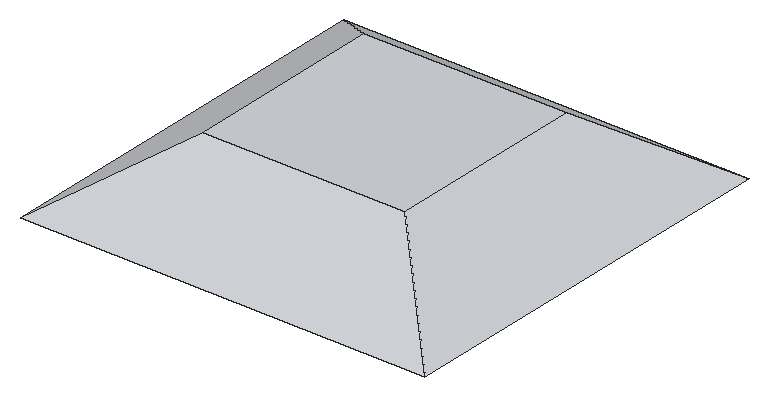
Revit family "fb2c3b50be7e499f8fce67f2b9317fd4", category Air Terminals, Revit 2021
Family settings
  Round Connector Dimension = Use Diameter
  Part Type = Normal
  OmniClass Number = 23.75.70.21.27.11
  OmniClass Title = Diffusers, Registers, and Grilles
  Seek Item ID = Exhaust Grill-0000-USA-ENU
  Work Plane-Based = No
  Always vertical = Yes
  Cut with Voids When Loaded = No
  Shared = No
  Room Calculation Point = No
Parameters (values of type "24 x 24 Face 12 x 12 Connection")
  Width 1 = Diffuser Width * 0.65  # 1' - 3.6"
  Duct Width = 12"
  Duct Height = Duct Width  # 12"
  Diffuser Width = 2' - 0"
  UpArrow [instance] = yes
  Pressure Drop [instance] = 0.0563 in-wg
  RightArrow [instance] = yes
  LeftArrow [instance] = yes
  Flow [instance] = 500 CFM
  DownArrow [instance] = yes
  Diffuser Height = Diffuser Width  # 2' - 0"
  Default Elevation = 0' - 0"
  Assembly Code = ""
Reference planes (in)
  plane 1 "Center (Front/Back)": y = 0
  plane 2: z = 0
  plane 3 "Center (Left/Right)": x = 0
Forms (in)
  Blend 1, solid
    base sketch origin (0, 0, 0) x (1, 0, 0) y (0, 1, 0)
      loop
        line (-12, 12) -> (-12, -12) -> (12, -12) -> (12, 12) -> (-12, 12)
    top sketch origin (0, 0, 0) x (1, 0, 0) y (0, 1, 0)
      loop
        line (-6, 6) -> (-6, -6) -> (6, -6) -> (6, 6) -> (-6, 6)
    from 0 to 4
Lines and regions (in)
  symbolic lines, style "DuctTerminal"
    curve 1: line (-12, -12, 0) -> (0, 0, 0)
    curve 2: line (12, -12, 0) -> (-12, 12, 0)
    curve 3: line (-12, 12, 0) -> (12, 12, 0)
    curve 4: line (12, 12, 0) -> (12, -12, 0)
    curve 5: line (12, -12, 0) -> (-12, -12, 0)
    curve 6: line (-12, 12, 0) -> (-12, -12, 0)
Dimensions and locks (in)
  equal spacing: Blend 1 sketch curve, plane 3 "Center (Left/Right)", Blend 1 sketch curve  (x2)
  "Diffuser Width": Blend 1 sketch curve to Blend 1 sketch curve
  equal spacing: Blend 1 sketch curve, plane 1 "Center (Front/Back)", Blend 1 sketch curve  (x2)
  "Diffuser Height": Blend 1 sketch curve to Blend 1 sketch curve
  "Duct Width": Blend 1 sketch curve to Blend 1 sketch curve
  "Duct Height": Blend 1 sketch curve to Blend 1 sketch curve
  "Width 1": plane 1 "Center (Front/Back)" to nested 2
  "Width 1": plane 3 "Center (Left/Right)" to nested 3
  "Width 1": plane 1 "Center (Front/Back)" to nested 4
  "Width 1": nested 1 to plane 3 "Center (Left/Right)"
  aligned and locked: Blend 1 to curve 1
  aligned and locked: curve 1 to Blend 1
  aligned and locked: curve 2 to Blend 1
  aligned and locked: curve 6 to Blend 1
  aligned and locked: plane 1 "Center (Front/Back)" to curve 1
  aligned and locked: plane 3 "Center (Left/Right)" to curve 1
  aligned and locked: plane 1 "Center (Front/Back)" to nested 1
  aligned and locked: nested 2 to plane 3 "Center (Left/Right)"
  aligned and locked: nested 3 to plane 1 "Center (Front/Back)"
  aligned and locked: plane 3 "Center (Left/Right)" to nested 4
Nested families (in)
  nested 1: "Duct Terminal Arrow" at (-15.6, 0, 0), visible <- "LeftArrow", type "Duct Terminal Arrow"
  nested 2: "Duct Terminal Arrow" at (0, 15.6, 0) x (0, -1, 0) z (0, 0, 1), visible <- "UpArrow", type "Duct Terminal Arrow"
  nested 3: "Duct Terminal Arrow" at (15.6, 0, 0) x (-1, 0, 0) z (0, 0, 1), visible <- "RightArrow", type "Duct Terminal Arrow"
  nested 4: "Duct Terminal Arrow" at (0, -15.6, 0) x (0, 1, 0) z (0, 0, 1), visible <- "DownArrow", type "Duct Terminal Arrow"
Connectors (in)
  hvac at (0, 0, 4), driven by "Duct Width", driven by "Duct Width", driven by "Flow", driven by "Pressure Drop"
    settings: on Blend 1, index 0, duct flow 500 CFM, flow factor 0, pres drop 0.0563 in-wg, loss coef 0, conn angle 0.00°, conn width 12", conn height 12", conn diameter 24", duct sys type 3, conn prof type 1, flow config 1, flow direction 2, loss method 4, conn ref index -1, conn util no, is conn primary yes, conn desc ""
Definition of nested family "Duct Terminal Arrow"
  Parameters
    Width = (Length / 2) / cos(15.00°)  # 1.03528"
    Length = 2"
  Reference planes (in)
    plane 1 "Center (Front/Back)": y = 0
    plane 2: z = 0
    plane 3 "Center (Left/Right)": x = 0
  Lines and regions (in)
    Filled region 1, type "Concrete Block", in view "Ref. Level"
      outline origin (-2, 0, 0) x (1, 0, 0) y (0, 1, 0)
        loop
          line (1, 0.26795) -> (1, -0.26795) -> (2, 0) -> (1, 0.26795)
    detail lines, in view "Ref. Level"
      curve 1: line (-2, 0, 0) -> (0, 0, 0)
      curve 2: line (0, 0, 0) -> (-1, 0.26795, 0)
      curve 3: line (0, 0, 0) -> (-1, -0.26795, 0)
      curve 4: line (-1, 0.26795, 0) -> (-1, -0.26795, 0)
  Dimensions and locks (in)
    "Length": curve 1 to curve 1
    "Width": curve 2 to curve 2
    "Width": curve 3 to curve 3
    locked: curve 2 to curve 1 (angle 15.00°)
    locked: curve 1 to curve 3 (angle 15.00°)
    aligned and locked: plane 1 "Center (Front/Back)" to curve 1
    aligned and locked: Filled region 1 sketch curve to curve 4
    aligned and locked: Filled region 1 sketch curve to curve 2
    aligned and locked: Filled region 1 sketch curve to curve 3
    aligned and locked: plane 3 "Center (Left/Right)" to curve 1
